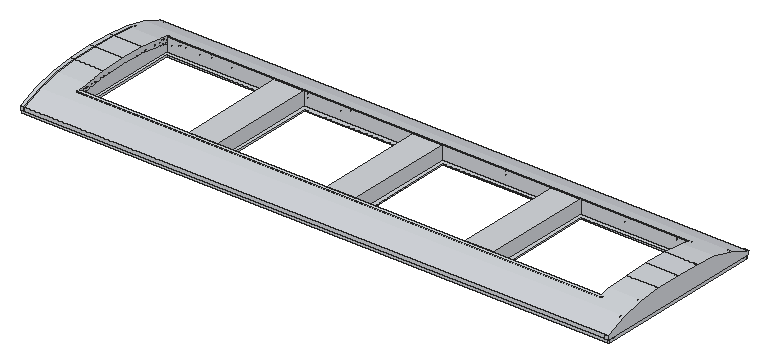
Revit family "Gira_021451", category Electrical Fixtures, host Face, Revit 2017
Family settings
  Host = Face
  Maintain Annotation Orientation = No
  Round Connector Dimension = Use Diameter
  Part Type = Normal
  Cut with Voids When Loaded = No
  Shared = No
  Room Calculation Point = No
Parameters (values of type "Cov.fr. 4-g interm.fr. CAl Gira Event Opaque mint")
  With mounting grid = "No"
  With hinged lid = "No"
  URL = "http://katalog.gira.de/en/datenblatt.html?artikelnr=021451"
  Type of fastening = "Clamp mounting"
  Transparent = "No"
  Surface protection = "Other"
  Suitable for wall duct = "No"
  Suitable for flush-mounted installation = "Yes"
  Suitable for floor box = "No"
  Suitable for built-in installation = "No"
  Number of units vertical = "4"
  Number of units horizontal = "4"
  Number of units = "4"
  Name = "Cov.fr. 4-g interm.fr. CAl Gira Event Opaque mint"
  Mounting direction = "Horizontal and vertical"
  Material quality = "Thermoplastic"
  Material = "Plastic"
  Manufacturer URL = "https://www.gira.de/"
  Manufacturer = "Gira"
  Label space/information surface = "No"
  Keynote = ""
  HeinzeBIM = "https://bimportal.heinze.de/bim/cov-fr-4-g-interm-fr-cal-gira-event-opaque-mint/09c3e78dff5ea0c5a46ed6d02d5e3e2a437de185"
  Halogen free = "Yes"
  HAN = "021451"
  GTIN = "4010337214519"
  Description = "Cov.fr.4g i.fr.CAl EvOp MI,Gira Event Opaque frames,mint with colour aluminium intermediate frame,4-gang,Features:,- Shatter-proof."
  Degree of protection (IP) = "IP20"
  Default Elevation = 1219.2 mm
  Data sheet (1) = "https://katalog.gira.de/en/download.html?artikelnr=021451"
  Colour = "Green"
  Category = "Cover frame for domestic switching devices"
  BIM (1) = "https://media.stage.bim.site/public/gira/36a6b08/Event_Rahmen_4fach.rfa"
  Available = "No"
Reference planes
  plane 1 "Center (Front/Back)": y = 0
  plane 2: z = 0
  plane 3 "Center (Left/Right)": x = 0
Forms (mm)
  Extrusion 1, solid, detail levels fine
    sketch origin (0, 0, 0.05) x (0, 1, 0) y (0, 0, 1)
      loop
        arc (12.445, 9.683) -> (6.223, 9.833) -> (0, 9.85) r 291.636
        arc (0, 9.85) -> (-6.223, 9.833) -> (-12.445, 9.683) r 291.636
        arc (-12.445, 9.683) -> (-29.14, 7.482) -> (-45, 1.823) r 79.728
        line (-45, 1.823) -> (-45, -0.05) -> (-42.086, -0.05)
        arc (-42.086, -0.05) -> (-21.385, 5.559) -> (0, 7.206) r 114.424
        arc (0, 7.206) -> (21.385, 5.559) -> (42.086, -0.05) r 114.424
        line (42.086, -0.05) -> (45, -0.05) -> (45, 1.823)
        arc (45, 1.823) -> (29.14, 7.482) -> (12.445, 9.683) r 79.728
    from -151.95 to 151.935
  Extrusion 2, void, detail levels fine
    sketch origin (0, 0, 0) x (1, 0, 0) y (0, 1, 0)
      loop
        line (134.95, 28.035) -> (-134.95, 28.035) -> (-134.95, -28.035) -> (134.95, -28.035) -> (134.95, 28.035)
    from 0.724 to 11
  Extrusion 3, solid, detail levels coarse
    sketch origin (0, 0, 0) x (1, 0, 0) y (0, 1, 0)
      loop
        line (-151.95, 45) -> (-151.95, -45) -> (151.935, -45) -> (151.935, 45) -> (-151.95, 45)
    from -1.5 to 9.9
  Extrusion 4, solid, detail levels medium
    sketch origin (0, 0, 0.05) x (0, 1, 0) y (0, 0, 1)
      loop
        arc (12.445, 9.683) -> (6.223, 9.833) -> (0, 9.85) r 291.636
        arc (0, 9.85) -> (-6.223, 9.833) -> (-12.445, 9.683) r 291.636
        arc (-12.445, 9.683) -> (-29.14, 7.482) -> (-45, 1.823) r 79.728
        line (-45, 1.823) -> (-45, -0.05) -> (45, -0.05) -> (45, 1.823)
        arc (45, 1.823) -> (29.14, 7.482) -> (12.445, 9.683) r 79.728
    from -151.95 to 151.935
  Extrusion 5, solid, detail levels fine
    sketch origin (-106.95, 0, -1.5) x (0, 1, 0) y (0, 0, -1)
      loop
        line (45, -3.373) -> (45, -1.5) -> (-45, -1.5) -> (-45, -3.373)
        arc (-45, -3.373) -> (-29.14, -9.032) -> (-12.445, -11.233) r 79.728
        arc (-12.445, -11.233) -> (-6.223, -11.383) -> (0, -11.4) r 291.636
        arc (0, -11.4) -> (6.223, -11.383) -> (12.445, -11.233) r 291.636
        arc (12.445, -11.233) -> (29.14, -9.032) -> (45, -3.373) r 79.728
    from 43 to 45
  Extrusion 6, solid, detail levels fine
    sketch origin (0, 0, 0) x (1, 0, 0) y (0, 1, 0)
      loop
        line (-132.85, 25.7) -> (-132.85, -25.7) -> (-81.05, -25.7) -> (-81.05, 25.7) -> (-132.85, 25.7)
      loop
        line (-9.755, -25.7) -> (-9.755, 25.7) -> (-61.555, 25.7) -> (-61.555, -25.7) -> (-9.755, -25.7)
      loop
        line (-135.845, 28.49) -> (-135.845, -28.495)
        spline (-135.845, -28.495) -> (-135.836, -28.625) -> (-135.811, -28.754) -> (-135.769, -28.878) -> (-135.711, -28.995) -> (-135.638, -29.104) -> (-135.552, -29.202) -> (-135.454, -29.288) -> (-135.345, -29.361) -> (-135.228, -29.419) -> (-135.104, -29.461) -> (-134.975, -29.486) -> (-134.845, -29.495)
        line (-134.845, -29.495) -> (134.845, -29.495)
        spline (134.845, -29.495) -> (134.975, -29.486) -> (135.104, -29.461) -> (135.228, -29.419) -> (135.345, -29.361) -> (135.454, -29.288) -> (135.552, -29.202) -> (135.638, -29.104) -> (135.711, -28.995) -> (135.769, -28.878) -> (135.811, -28.754) -> (135.836, -28.625) -> (135.845, -28.495)
        line (135.845, -28.495) -> (135.845, 28.49)
        spline (135.845, 28.49) -> (135.836, 28.62) -> (135.811, 28.748) -> (135.769, 28.872) -> (135.711, 28.99) -> (135.638, 29.098) -> (135.552, 29.197) -> (135.454, 29.283) -> (135.345, 29.356) -> (135.228, 29.413) -> (135.104, 29.456) -> (134.975, 29.481) -> (134.845, 29.49)
        line (134.845, 29.49) -> (-134.845, 29.49)
        spline (-134.845, 29.49) -> (-134.975, 29.481) -> (-135.104, 29.456) -> (-135.228, 29.413) -> (-135.345, 29.356) -> (-135.454, 29.283) -> (-135.552, 29.197) -> (-135.638, 29.098) -> (-135.711, 28.99) -> (-135.769, 28.872) -> (-135.811, 28.748) -> (-135.836, 28.62) -> (-135.845, 28.49)
      loop
        line (61.545, -25.7) -> (61.545, 25.7) -> (9.745, 25.7) -> (9.745, -25.7) -> (61.545, -25.7)
      loop
        line (132.85, -25.7) -> (132.85, 25.7) -> (81.05, 25.7) -> (81.05, -25.7) -> (132.85, -25.7)
    from 0.1 to 7.3
  Extrusion 7, solid
    sketch origin (0, 0, 0) x (1, 0, 0) y (0, 1, 0)
      loop
        arc (-151.65, -44.218) -> (-151.504, -44.572) -> (-151.15, -44.718) r 0.5
        line (-151.15, -44.718) -> (151.15, -44.718)
        arc (151.15, -44.718) -> (151.504, -44.572) -> (151.65, -44.218) r 0.5
        line (151.65, -44.218) -> (151.65, 44.182)
        arc (151.65, 44.182) -> (151.504, 44.535) -> (151.15, 44.682) r 0.5
        line (151.15, 44.682) -> (-151.15, 44.682)
        arc (-151.15, 44.682) -> (-151.504, 44.535) -> (-151.65, 44.182) r 0.5
        line (-151.65, 44.182) -> (-151.65, -44.218)
      loop
        line (-149.95, 42.982) -> (-149.95, -43.018) -> (149.95, -43.018) -> (149.95, 42.982) -> (-149.95, 42.982)
    from -1.5 to 0.5
  Extrusion 8, solid, detail levels fine
    sketch origin (106.935, 0, -1.5) x (0, 1, 0) y (0, 0, 1)
      loop
        arc (45, 3.373) -> (29.14, 9.032) -> (12.445, 11.233) r 79.728
        arc (12.445, 11.233) -> (6.223, 11.383) -> (0, 11.4) r 291.636
        arc (0, 11.4) -> (-6.223, 11.383) -> (-12.445, 11.233) r 291.636
        arc (-12.445, 11.233) -> (-29.14, 9.032) -> (-45, 3.373) r 79.728
        line (-45, 3.373) -> (-45, 1.5) -> (45, 1.5) -> (45, 3.373)
    from 43 to 45
  Extrusion 9, solid, detail levels medium
    sketch origin (0, 0, 0) x (1, 0, 0) y (0, 1, 0)
      loop
        line (-151.65, -44.718) -> (151.65, -44.718) -> (151.65, 44.682) -> (-151.65, 44.682) -> (-151.65, -44.718)
    from -1.5 to 0.5
  Extrusion 10, solid, detail levels fine
    sketch origin (-69.857, 0, 0) x (1, 0, 0) y (0, 1, 0)
      loop
        line (-8.943, 28.063) -> (-8.943, -27.937) -> (6.057, -27.937) -> (6.057, 28.063) -> (-8.943, 28.063)
    from 0.724 to 7.566
  Extrusion 11, solid, detail levels fine
    sketch origin (-1.443, 0, 0) x (-1, 0, 0) y (0, -1, 0)
      loop
        line (-8.943, -28.063) -> (6.057, -28.063) -> (6.057, 27.937) -> (-8.943, 27.937) -> (-8.943, -28.063)
    from 0.724 to 7.566
  Extrusion 12, solid, detail levels fine
    sketch origin (69.857, 0, 0) x (-1, 0, 0) y (0, -1, 0)
      loop
        line (-8.943, -28.063) -> (6.057, -28.063) -> (6.057, 27.937) -> (-8.943, 27.937) -> (-8.943, -28.063)
    from 0.724 to 7.566
Cuts and joins
  Extrusion 2 cuts Extrusion 1
  Extrusion 2 cuts Extrusion 6
Dimensions and locks
  aligned and locked: plane 2 to host face
  aligned and locked: level to host face
